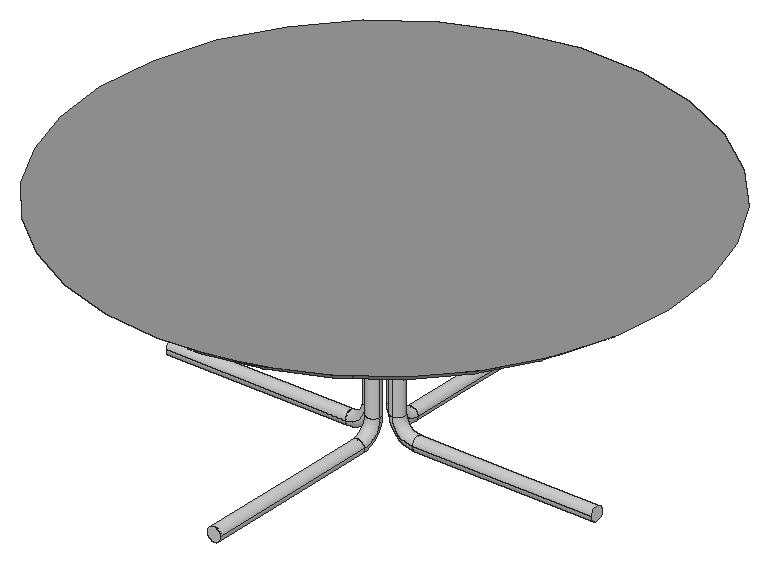
Revit family "Jelly Tavolino-LivingDivani", category Furniture, Revit 2013
Parameters (values of type "H32 diametro 85cm")
  altezza gamba = altezza interna - 1 cm  # 29 cm
  Raggio tavolino = 42.5 cm
  raggio superiore = 21 cm
  raggio sotto tavolino = (Raggio tavolino) - 6 cm  # 36.5 cm
  lunghezza gamba = (raggio sotto tavolino) - 4 cm  # 32.5 cm
  URL = "http://www.livingdivani.it"
  Model = "Jelly Tavolino"
  Mat. Tavolo = Porcelain, Linen
  Mat. Struttura = Steel, Polished
  Manufacturer = "LivingDivani"
  Codice prodotto = "JELV085C"
  altezza interna = 30 cm
  Altezza = altezza gamba + 3 cm  # 32 cm
  5 gambe = no
  4 gambe = yes
Types (10, lengths in cm): name | altezza gamba | Raggio tavolino | raggio sotto tavolino | lunghezza gamba | Codice prodotto | altezza interna | Altezza | 5 gambe | 4 gambe
  (no name) | 29 | 42.5 | 36.5 | 32.5 | "JELV085C" | 30 | 32 | no | yes
  H32 diametro 60cm | 29 | 30 | 24 | 20 | "JELV060C" | 30 | 32 | no | yes
  H32 diametro 85cm | 29 | 42.5 | 36.5 | 32.5 | "JELV085C" | 30 | 32 | no | yes
  H32 diametro 100cm | 29 | 50 | 44 | 40 | "JELV100C" | 30 | 32 | no | yes
  H50 diametro 60cm | 47 | 30 | 24 | 20 | "JELV0605C" | 48 | 50 | no | yes
  H50 diametro 85cm | 47 | 42.5 | 36.5 | 32.5 | "JELV0855C" | 48 | 50 | no | yes
  H50 diametro 100cm | 47 | 50 | 44 | 40 | "JELV1005C" | 48 | 50 | no | yes
  H72 diametro 85cm | 69 | 42.5 | 36.5 | 32.5 | "JELV0857C" | 70 | 72 | yes | no
  H72 diametro 100cm | 69 | 50 | 44 | 40 | "JELV1007C" | 70 | 72 | yes | no
  H72 diametro 80cm | 69 | 40 | 34 | 30 | "JELV8087X" | 70 | 72 | no | yes
Reference planes (cm)
  plane 1 "Centro (Fronte/Retro)": y = 0
  plane 2: z = 0
  plane 3 "seduta": z = 30
  plane 4: x = 0
Forms (cm)
  Sweep 1, solid, material "Steel, Polished" <- "Mat. Struttura"
    path origin (0, 0, 0) x (-1, 0, 0) y (0, 0, -1)
      loop
        line (-33.5, -29) -> (-6, -29)
        arc (-6, -29) -> (-2.4645, -27.5355) -> (-1, -24) r 5
        line (-1, -24) -> (-1, -4)
        arc (-1, -4) -> (-2.1716, -1.1716) -> (-5, 0) r 4
        line (-5, 0) -> (-31.7486, 0)
    profile origin (1, 0, 14) x (0, -1, 0) y (1, 0, 0)
      loop
        circle (0, 1) r 1
  Extrusion 2, solid, material "Porcelain, Linen" <- "Mat. Tavolo"
    sketch origin (0, 0, 30) x (-1, 0, 0) y (0, -1, 0)
      loop
        circle (0, 0) r 42.5
    from 0 to 2
  Extrusion 3, solid, material "Porcelain, Linen" <- "Mat. Tavolo"
    sketch origin (0, 0, 32) x (-1, 0, 0) y (0, -1, 0)
      loop
        circle (0, 0) r 36.5
    from -3 to -2
  Sweep 4, void
    path in 3D
      loop
        arc (42.5, 0, 30) -> (0, 42.5, 30) -> (-42.5, 0, 30) r 42.5
        arc (-42.5, 0, 30) -> (0, -42.5, 30) -> (42.5, 0, 30) r 42.5
    profile origin (0, -42.5, 30) x (0, -1, 0) y (0, 0, -1)
      loop
        line (0, -2) -> (0, 0) -> (-2.9651, 0) -> (0, -2)
  Sweep 5, void
    path in 3D
      loop
        arc (-36.5, 0, 30) -> (0, 36.5, 30) -> (36.5, 0, 30) r 36.5
        arc (36.5, 0, 30) -> (0, -36.5, 30) -> (-36.5, 0, 30) r 36.5
    profile origin (0, -36.5, 30) x (0, -1, 0) y (0, 0, 1)
      loop
        line (0, 0) -> (-1, -1) -> (0, -1) -> (0, 0)
  Sweep 6, solid, material "Steel, Polished" <- "Mat. Struttura", visible <- "4 gambe"
    path origin (0, 0, 0) x (0, 1, 0) y (0, 0, -1)
      loop
        line (-33.5, -29) -> (-6, -29)
        arc (-6, -29) -> (-2.4645, -27.5355) -> (-1, -24) r 5
        line (-1, -24) -> (-1, -4)
        arc (-1, -4) -> (-2.1716, -1.1716) -> (-5, 0) r 4
        line (-5, 0) -> (-31.7486, 0)
    profile origin (0, -1, 14) x (-1, 0, 0) y (0, -1, 0)
      loop
        circle (0, 1) r 1
  Sweep 7, solid, material "Steel, Polished" <- "Mat. Struttura", visible <- "4 gambe"
    path origin (0, 0, 0) x (0, -1, 0) y (0, 0, -1)
      loop
        line (-33.5, -29) -> (-6, -29)
        arc (-6, -29) -> (-2.4645, -27.5355) -> (-1, -24) r 5
        line (-1, -24) -> (-1, -4)
        arc (-1, -4) -> (-2.1716, -1.1716) -> (-5, 0) r 4
        line (-5, 0) -> (-31.7486, 0)
    profile origin (0, 1, 14) x (1, 0, 0) y (0, 1, 0)
      loop
        circle (0, 1) r 1
  Sweep 8, solid, material "Steel, Polished" <- "Mat. Struttura", visible <- "4 gambe"
    path origin (0, 0, 0) x (1, 0, 0) y (0, 0, -1)
      loop
        line (-33.5, -29) -> (-6, -29)
        arc (-6, -29) -> (-2.4645, -27.5355) -> (-1, -24) r 5
        line (-1, -24) -> (-1, -4)
        arc (-1, -4) -> (-2.1716, -1.1716) -> (-5, 0) r 4
        line (-5, 0) -> (-31.7486, 0)
    profile origin (-1, 0, 14) x (0, 1, 0) y (-1, 0, 0)
      loop
        circle (0, 1) r 1
  Sweep 9, solid, material "Steel, Polished" <- "Mat. Struttura", visible <- "5 gambe"
    path origin (0, 0, 0) x (-0.309017, 0.951057, 0) y (0, 0, -1)
      loop
        line (-29.75, -29) -> (-2.25, -29)
        arc (-2.25, -29) -> (1.2855, -27.5355) -> (2.75, -24) r 5
        line (2.75, -24) -> (2.75, -4)
        arc (2.75, -4) -> (1.5784, -1.1716) -> (-1.25, 0) r 4
        line (-1.25, 0) -> (-27.9986, 0)
    profile origin (-0.8498, 2.6154, 14) x (-0.951057, -0.309017, 0) y (0.309017, -0.951057, 0)
      loop
        circle (0, 1) r 1
  Sweep 10, solid, material "Steel, Polished" <- "Mat. Struttura", visible <- "5 gambe"
    path origin (0, 0, 0) x (-0.309017, -0.951057, 0) y (0, 0, -1)
      loop
        line (-29.75, -29) -> (-2.25, -29)
        arc (-2.25, -29) -> (1.2855, -27.5355) -> (2.75, -24) r 5
        line (2.75, -24) -> (2.75, -4)
        arc (2.75, -4) -> (1.5784, -1.1716) -> (-1.25, 0) r 4
        line (-1.25, 0) -> (-27.9986, 0)
    profile origin (-0.8498, -2.6154, 14) x (0.951057, -0.309017, 0) y (0.309017, 0.951057, 0)
      loop
        circle (0, 1) r 1
  Sweep 11, solid, material "Steel, Polished" <- "Mat. Struttura", visible <- "5 gambe"
    path origin (0, 0, 0) x (0.809017, -0.587785, 0) y (0, 0, -1)
      loop
        line (-29.75, -29) -> (-2.25, -29)
        arc (-2.25, -29) -> (1.2855, -27.5355) -> (2.75, -24) r 5
        line (2.75, -24) -> (2.75, -4)
        arc (2.75, -4) -> (1.5784, -1.1716) -> (-1.25, 0) r 4
        line (-1.25, 0) -> (-27.9986, 0)
    profile origin (2.2248, -1.6164, 14) x (0.587785, 0.809017, 0) y (-0.809017, 0.587785, 0)
      loop
        circle (0, 1) r 1
  Sweep 12, solid, material "Steel, Polished" <- "Mat. Struttura", visible <- "5 gambe"
    path origin (0, 0, 0) x (0.809017, 0.587785, 0) y (0, 0, -1)
      loop
        line (-29.75, -29) -> (-2.25, -29)
        arc (-2.25, -29) -> (1.2855, -27.5355) -> (2.75, -24) r 5
        line (2.75, -24) -> (2.75, -4)
        arc (2.75, -4) -> (1.5784, -1.1716) -> (-1.25, 0) r 4
        line (-1.25, 0) -> (-27.9986, 0)
    profile origin (2.2248, 1.6164, 14) x (-0.587785, 0.809017, 0) y (-0.809017, -0.587785, 0)
      loop
        circle (0, 1) r 1
Cuts and joins
  Sweep 4 cuts Extrusion 2
  Sweep 5 cuts Extrusion 3
Lines and regions (cm)
  sketch lines
    curve 1: arc (-42.5, 0, 30) -> (0, -42.5, 30) -> (42.5, 0, 30) r 42.5
    curve 2: arc (42.5, 0, 30) -> (0, 42.5, 30) -> (-42.5, 0, 30) r 42.5
    curve 3: arc (36.5, 0, 30) -> (0, -36.5, 30) -> (-36.5, 0, 30) r 36.5
    curve 4: arc (-36.5, 0, 30) -> (0, 36.5, 30) -> (36.5, 0, 30) r 36.5
Dimensions and locks (cm)
  "altezza interna": plane 3 "seduta" to plane 2
  locked: plane 3 "seduta" to Extrusion 3 at 1
  "altezza gamba": Sweep 1 sketch curve to Sweep 1 sketch curve
  "lunghezza gamba": Sweep 1 sketch curve to Sweep 1 sketch curve
  "altezza gamba": Sweep 6 sketch curve to Sweep 6 sketch curve
  "lunghezza gamba": Sweep 6 sketch curve to Sweep 6 sketch curve
  "altezza gamba": Sweep 7 sketch curve to Sweep 7 sketch curve
  "lunghezza gamba": Sweep 7 sketch curve to Sweep 7 sketch curve
  "altezza gamba": Sweep 8 sketch curve to Sweep 8 sketch curve
  "lunghezza gamba": Sweep 8 sketch curve to Sweep 8 sketch curve
  "altezza gamba": Sweep 9 sketch curve to Sweep 9 sketch curve
  "lunghezza gamba": Sweep 9 sketch curve to Sweep 9 sketch curve
  "altezza gamba": Sweep 10 sketch curve to Sweep 10 sketch curve
  "lunghezza gamba": Sweep 10 sketch curve to Sweep 10 sketch curve
  "altezza gamba": Sweep 11 sketch curve to Sweep 11 sketch curve
  "lunghezza gamba": Sweep 11 sketch curve to Sweep 11 sketch curve
  "altezza gamba": Sweep 12 sketch curve to Sweep 12 sketch curve
  "lunghezza gamba": Sweep 12 sketch curve to Sweep 12 sketch curve
  "Raggio tavolino": radius of Extrusion 2 sketch curve
  "raggio sotto tavolino": radius of Extrusion 3 sketch curve
  aligned and locked: level to plane 2
  aligned and locked: plane 3 "seduta" to cut or joined group of Extrusion 3, Sweep 5
Automatic sketch dimensions
  profile plane to Sweep 4 sketch curve = 0 cm
  profile plane to Sweep 4 sketch curve = 2.9651 cm
  Sweep 4 sketch curve to profile plane = 0 cm
  Sweep 4 sketch curve to Sweep 4 sketch curve = 2 cm
  profile plane to Sweep 5 sketch curve = 1 cm
  Sweep 5 sketch curve to profile plane = 1 cm
  Sweep 5 sketch curve to profile plane = 0 cm  (x2)
  profile plane to Sweep 1 sketch curve = 0 cm
  Sweep 1 sketch curve to profile plane = 1 cm
  profile plane to Sweep 6 sketch curve = 0 cm
  Sweep 6 sketch curve to profile plane = 1 cm
  profile plane to Sweep 7 sketch curve = 0 cm
  Sweep 7 sketch curve to profile plane = 1 cm
  profile plane to Sweep 8 sketch curve = 0 cm
  Sweep 8 sketch curve to profile plane = 1 cm
  profile plane to Sweep 9 sketch curve = 0 cm
  Sweep 9 sketch curve to profile plane = 1 cm
  profile plane to Sweep 10 sketch curve = 0 cm
  Sweep 10 sketch curve to profile plane = 1 cm
  profile plane to Sweep 11 sketch curve = 0 cm
  Sweep 11 sketch curve to profile plane = 1 cm
  profile plane to Sweep 12 sketch curve = 0 cm
  Sweep 12 sketch curve to profile plane = 1 cm
  Sweep 1 sketch curve to level = 0 cm
  plane 4 to Sweep 1 sketch curve = 6 cm
  plane 4 to Sweep 1 sketch curve = 1 cm
  plane 4 to Sweep 1 sketch curve = 5 cm
  Sweep 1 sketch curve to Sweep 1 sketch curve = 26.7486 cm
  plane 1 "Centro (Fronte/Retro)" to Extrusion 2 sketch curve = 0 cm
  Extrusion 2 sketch curve to plane 4 = 0 cm
  plane 1 "Centro (Fronte/Retro)" to Extrusion 3 sketch curve = 0 cm
  Extrusion 3 sketch curve to plane 4 = 0 cm
  Sweep 6 sketch curve to level = 0 cm
  plane 1 "Centro (Fronte/Retro)" to Sweep 6 sketch curve = 6 cm
  plane 1 "Centro (Fronte/Retro)" to Sweep 6 sketch curve = 1 cm
  plane 1 "Centro (Fronte/Retro)" to Sweep 6 sketch curve = 5 cm
  Sweep 6 sketch curve to Sweep 6 sketch curve = 26.7486 cm
  Sweep 7 sketch curve to level = 0 cm
  Sweep 7 sketch curve to plane 1 "Centro (Fronte/Retro)" = 6 cm
  Sweep 7 sketch curve to plane 1 "Centro (Fronte/Retro)" = 1 cm
  Sweep 7 sketch curve to plane 1 "Centro (Fronte/Retro)" = 5 cm
  Sweep 7 sketch curve to Sweep 7 sketch curve = 26.7486 cm
  Sweep 8 sketch curve to level = 0 cm
  Sweep 8 sketch curve to plane 4 = 6 cm
  Sweep 8 sketch curve to plane 4 = 1 cm
  Sweep 8 sketch curve to plane 4 = 5 cm
  Sweep 8 sketch curve to Sweep 8 sketch curve = 26.7486 cm
  Sweep 9 sketch curve to level = 0 cm
  level to Sweep 9 sketch curve = 4 cm
  Sweep 9 sketch curve to plane 3 "seduta" = 6 cm
  Sweep 9 sketch curve to Sweep 9 sketch curve = 26.7486 cm
  Sweep 10 sketch curve to level = 0 cm
  level to Sweep 10 sketch curve = 4 cm
  Sweep 10 sketch curve to plane 3 "seduta" = 6 cm
  Sweep 10 sketch curve to Sweep 10 sketch curve = 26.7486 cm
  level to Sweep 11 sketch curve = 0 cm
  level to Sweep 11 sketch curve = 4 cm
  Sweep 11 sketch curve to plane 3 "seduta" = 6 cm
  Sweep 11 sketch curve to Sweep 11 sketch curve = 26.7486 cm
  level to Sweep 12 sketch curve = 0 cm
  level to Sweep 12 sketch curve = 4 cm
  Sweep 12 sketch curve to plane 3 "seduta" = 6 cm
  Sweep 12 sketch curve to Sweep 12 sketch curve = 26.7486 cm
  radius of Sweep 1 sketch curve = 1 cm
  radius of Sweep 6 sketch curve = 1 cm
  radius of Sweep 7 sketch curve = 1 cm
  radius of Sweep 8 sketch curve = 1 cm
  radius of Sweep 9 sketch curve = 1 cm
  radius of Sweep 10 sketch curve = 1 cm
  radius of Sweep 11 sketch curve = 1 cm
  radius of Sweep 12 sketch curve = 1 cm
